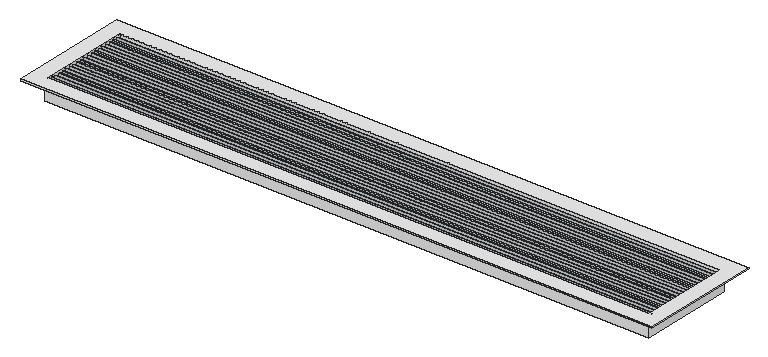
Revit family "DC_Holyoake_MEQ_LD-600_13", category Air Terminals, host Face, Revit 2014
Parameters (values of type "LD 600")
  Width LD [instance] = 150.0 mm
  URL = "http://www.holyoake.com"
  Type Comments = "Fineline Diffuser Series LD linear bar grilles"  # constant formula
  Static Pressure Min = 3.00 Pa
  Static Pressure Max = 69.00 Pa
  Noise Level NC Min = "< 10 NC"
  Noise Level NC Max = "44 NC"
  Model = "LD-600"  # constant formula
  Min Flow = 30 L/s
  Max Flow = 1200 L/s
  Material Face = Holyoake-Aluminium
  Material Body = Holyoake-Aluminium
  Manufacturer = "Holyoake"  # constant formula
  Length LD [instance] = 1000.0 mm
  Holyoake Product Range = "Holyoake Linear Bar Diffusers"  # constant formula
  Description = "Linear Bar Diffuser shall be Holyoake Model LD-600. Linear Bar Diffuser shall be 0 degrees deflection, of extruded aluminium construction to the sizes as documented and supplied. Diffusers shall be finished in powdercoat and fitted with accessories and dampers where indicated as manufactured by Holyoake. "  # constant formula
  Default Elevation = 0.0 mm
  Array Number [instance] = ((Width LD - 25.4 mm) / 6.4 mm) - 0.9  # 19
Reference planes
  plane 1 "Center (Front/Back)": y = 0
  plane 2: z = 0
  plane 3 "Center (Left/Right)": x = 0
  plane 4: x = -500
  plane 5: x = 500
  plane 6: y = 75
  plane 7: y = -75
Forms (mm)
  Sweep 1, solid, material "Holyoake-Aluminium" <- "Material Body"
    path origin (0, 0, 0) x (1, 0, 0) y (0, 1, 0)
      loop
        line (-500, 75) -> (-500, -75) -> (500, -75) -> (500, 75) -> (-500, 75)
    profile origin (0, 75, 0) x (0, 1, 0) y (0, 0, 1)
      loop
        line (2, 0) -> (25, 0) -> (25, 2) -> (0, 2) -> (0, -32) -> (2, -32) -> (2, 0)
  Extrusion 2, void
    sketch origin (0, 0, 0) x (1, 0, 0) y (0, 1, 0)
      loop
        line (-500, 75) -> (-500, -75) -> (500, -75) -> (500, 75) -> (-500, 75)
    from 0 to -1000
Cuts and joins
  Extrusion 2 cuts Sweep 1
Lines and regions (mm)
  reference lines
    curve 1: line (-590.798, 68.65, 0) -> (-485.798, 68.65, 0)
    curve 2: line (-590.798, -68.65, 0) -> (-490.798, -68.65, 0)
Dimensions and locks
  equal spacing: plane 6, plane 1 "Center (Front/Back)", plane 7
  "Width LD": plane 6 to plane 7
  "Length LD": plane 4 to plane 5
  equal spacing: plane 4, plane 3 "Center (Left/Right)", plane 5
  locked: plane 6 to curve 1 at 6.35
  locked: curve 2 to plane 7 at 6.35
  equal spacing: group 1, group 3, group 4, group 5, group 6, group 7, group 8, group 9, group 10, group 11, group 12, group 13, group 14, group 15, group 16, group 17, group 18, group 19, group 2  (x2)
  equal spacing: group 2, group 19, group 18, group 17, group 16, group 15, group 14, group 13, group 12, group 11, group 10, group 9, group 8, group 7, group 6, group 5, group 4, group 3, group 1
  aligned and locked: plane 2 to host face
  aligned and locked: level to host face
  aligned and locked: plane 4 to Sweep 1 sketch curve
  aligned and locked: Sweep 1 sketch curve to plane 6
  aligned and locked: plane 7 to Sweep 1 sketch curve
  aligned and locked: Sweep 1 sketch curve to plane 5
  aligned and locked: plane 4 to nested 1
  aligned and locked: plane 4 to Sweep 1
  aligned and locked: nested 1 to curve 1
  aligned and locked: Sweep 1 to level
  aligned and locked: curve 2 to nested 2
  aligned and locked: plane 4 to nested 2
  aligned and locked: Extrusion 2 sketch curve to Sweep 1  (x3)
  aligned and locked: Sweep 1 to Extrusion 2 sketch curve
Automatic sketch dimensions
  Sweep 1 sketch curve to level = 0.0 mm
  Sweep 1 sketch curve to profile plane = 0.0 mm
  Sweep 1 sketch curve to Sweep 1 sketch curve = 2.0 mm
  Sweep 1 sketch curve to Sweep 1 sketch curve = 23.0 mm
  Sweep 1 sketch curve to Sweep 1 sketch curve = 32.0 mm
  level to Sweep 1 sketch curve = 2.0 mm
  host sketch curve to host sketch curve = 1404.865 mm
  host sketch curve to host sketch curve = 525.655 mm
  curve 2 to plane 4 = 90.798 mm
  curve 1 to curve 2 = 0.0 mm
  plane 4 to curve 2 = 9.202 mm
  plane 4 to curve 1 = 14.202 mm
Nested families
  nested 1: "LD Blade" at (-500, 67.15, 0), Blade Length <- "Length LD", type "LD Blade"
    with Blade Length 1000.0 mm
  nested 2: "LD Blade" at (-500, -68.65, 0), Blade Length <- "Length LD", type "LD Blade"
    with Blade Length 1000.0 mm
  nested 3: "LD Blade" at (-500, 59.606, 0), Blade Length <- "Length LD", type "LD Blade"
    with Blade Length 1000.0 mm
  nested 4: "LD Blade" at (-500, 52.061, 0), Blade Length <- "Length LD", type "LD Blade"
    with Blade Length 1000.0 mm
  nested 5: "LD Blade" at (-500, 44.517, 0), Blade Length <- "Length LD", type "LD Blade"
    with Blade Length 1000.0 mm
  nested 6: "LD Blade" at (-500, 36.972, 0), Blade Length <- "Length LD", type "LD Blade"
    with Blade Length 1000.0 mm
  nested 7: "LD Blade" at (-500, 29.428, 0), Blade Length <- "Length LD", type "LD Blade"
    with Blade Length 1000.0 mm
  nested 8: "LD Blade" at (-500, 21.883, 0), Blade Length <- "Length LD", type "LD Blade"
    with Blade Length 1000.0 mm
  nested 9: "LD Blade" at (-500, 14.339, 0), Blade Length <- "Length LD", type "LD Blade"
    with Blade Length 1000.0 mm
  nested 10: "LD Blade" at (-500, 6.794, 0), Blade Length <- "Length LD", type "LD Blade"
    with Blade Length 1000.0 mm
  nested 11: "LD Blade" at (-500, -0.75, 0), Blade Length <- "Length LD", type "LD Blade"
    with Blade Length 1000.0 mm
  nested 12: "LD Blade" at (-500, -8.294, 0), Blade Length <- "Length LD", type "LD Blade"
    with Blade Length 1000.0 mm
  nested 13: "LD Blade" at (-500, -15.839, 0), Blade Length <- "Length LD", type "LD Blade"
    with Blade Length 1000.0 mm
  nested 14: "LD Blade" at (-500, -23.383, 0), Blade Length <- "Length LD", type "LD Blade"
    with Blade Length 1000.0 mm
  nested 15: "LD Blade" at (-500, -30.928, 0), Blade Length <- "Length LD", type "LD Blade"
    with Blade Length 1000.0 mm
  nested 16: "LD Blade" at (-500, -38.472, 0), Blade Length <- "Length LD", type "LD Blade"
    with Blade Length 1000.0 mm
  nested 17: "LD Blade" at (-500, -46.017, 0), Blade Length <- "Length LD", type "LD Blade"
    with Blade Length 1000.0 mm
  nested 18: "LD Blade" at (-500, -53.561, 0), Blade Length <- "Length LD", type "LD Blade"
    with Blade Length 1000.0 mm
  nested 19: "LD Blade" at (-500, -61.106, 0), Blade Length <- "Length LD", type "LD Blade"
    with Blade Length 1000.0 mm
Definition of nested family "LD Blade"
  Parameters (values of type "LD Blade")
    Blade Material = none
    Blade Length [instance] = 600.0 mm
    Assembly Code = ""
  Reference planes
    plane 1 "Center (Front/Back)": y = 0
    plane 2: z = 0
    plane 3 "Center (Left/Right)": x = 0
    plane 4: x = 600
  Forms (mm)
    Extrusion 1, solid
      sketch origin (0, -1.042, 0) x (1, 0, 0) y (0, 1, 0)
        loop
          line (0, 1.042) -> (600, 1.042) -> (600, 2.542) -> (0, 2.542) -> (0, 1.042)
      from 0 to -20
  Dimensions and locks
    Extrusion 1 sketch curve to Extrusion 1 sketch curve = 1.5 mm
    "Blade Length": plane 3 "Center (Left/Right)" to plane 4
    locked: plane 1 "Center (Front/Back)" to Extrusion 1 at 1.5
    aligned and locked: plane 1 "Center (Front/Back)" to Extrusion 1
    aligned and locked: Extrusion 1 to plane 3 "Center (Left/Right)"
    aligned and locked: plane 4 to Extrusion 1
  Automatic sketch dimensions
    Extrusion 1 sketch curve to plane 1 "Center (Front/Back)" = 1.5 mm
    Extrusion 1 sketch curve to plane 3 "Center (Left/Right)" = 0.0 mm
    plane 4 to Extrusion 1 sketch curve = 0.0 mm
